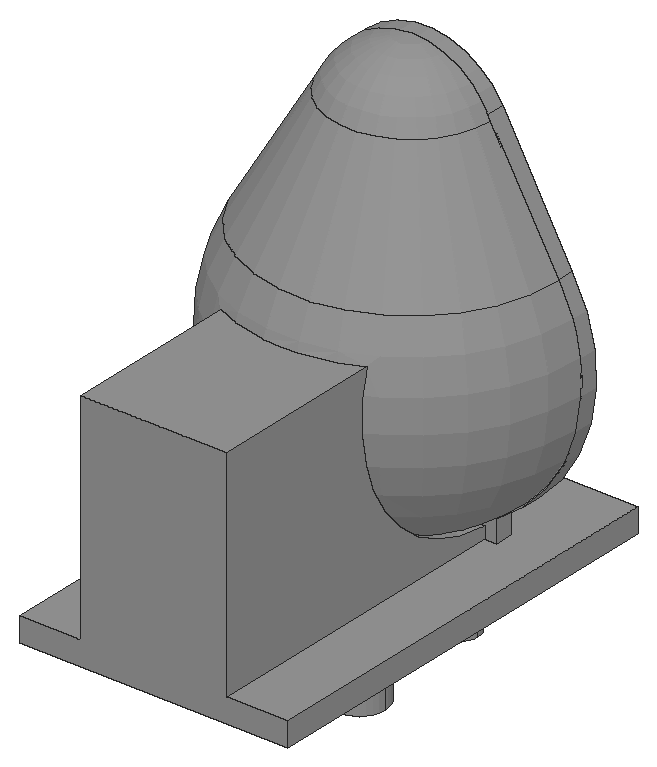
Revit family "Toilet-Willoughby-1490-HET-ETW-ES", category Plumbing Fixtures, host Face, Revit 2014
Parameters (values of type "Standard")
  Waste DIA = 2 1/4"
  Waste Connection = yes
  Vent Connection = no
  URL = "www.willoughby-ind.com"
  Type Comments = "Blowout Series"
  Revision = "A"
  Model = "ETW-1490-HET-ES"
  Manufacturer = "Willoughby Industries"
  HW Connection = no
  Flush Inlet DIA = 1 1/2"
  Flush Inlet Connection = yes
  Fixture Body = Stainless Steel AISI 304-Willoughby
  Description = "High Efficiency Toilet"
  Default Elevation = 0' - 0"
  Contact = "(800) 428-4065"
  CW Connection = no
Reference planes (in)
  plane 1 "Center (Front/Back)": y = 0
  plane 2: z = 0
  plane 3 "Center (Left/Right)": x = 0
  plane 4 "Base off Floor": y = 1
  plane 5 "Seat": y = 15
  plane 6 "Top": y = 19
  plane 7: x = -5.5
  plane 8: x = 5.5
  plane 9: y = 14.25
  plane 10: z = 18.5
  plane 11: z = 14.933
  plane 12: x = 3.25
  plane 13: x = -3.25
  plane 14: z = 8.10019
  plane 15: x = 7
  plane 16: z = 11.03769
  plane 17: z = 8
  plane 18: z = 10
  plane 19: y = 11.5
  plane 20: y = 16.75
  plane 21: x = 3
  plane 22: x = -3
Forms (in)
  Extrusion 1, solid, material "Stainless Steel AISI 304-Willoughby" <- "Fixture Body"
    sketch origin (0, 0, 0) x (1, 0, 0) y (0, 1, 0)
      loop
        line (-5.5, 1) -> (5.5, 1) -> (5.5, 19) -> (-5.5, 19) -> (-5.5, 1)
    from 0 to 1
  Revolve 2, solid, material "Stainless Steel AISI 304-Willoughby" <- "Fixture Body"
    sketch origin (-60, 14.25, 48) x (-1, 0, 0) y (0, 0, 1)
      loop
        line (-60, -46.89981) -> (-60, -46.39981)
        arc (-60, -46.39981) -> (-65.42136, -42.59037) -> (-65.23755, -35.96698) r 7
        line (-65.23755, -35.96698) -> (-62.80388, -31.72393) -> (-62.74416, -31.59711)
        arc (-62.74416, -31.59711) -> (-61.61332, -30.35842) -> (-60, -29.89981) r 3.067
        line (-60, -29.89981) -> (-60, -29.39981)
        arc (-60, -29.39981) -> (-61.93389, -29.96955) -> (-63.25, -31.49678) r 3.567
        line (-63.25, -31.49678) -> (-66.0721, -36.41706)
        arc (-66.0721, -36.41706) -> (-66.0572, -43.40842) -> (-60, -46.89981) r 7
      axis (-60, -29.39981) -> (-60, -46.89981)
    angle from 0 to 180
  Extrusion 3, solid, material "Stainless Steel AISI 304-Willoughby" <- "Fixture Body"
    sketch origin (0, 0, 0) x (1, 0, 0) y (0, 0, 1)
      loop
        line (-3.5, 1.93865) -> (-3.5, 1.00072) -> (3.5, 1.00072) -> (3.5, 1.93865)
        arc (3.5, 1.93865) -> (6.77318, 6.23534) -> (6.01269, 11.58294) r 6.99928
        line (6.01269, 11.58294) -> (3.14932, 16.69649)
        arc (3.14932, 16.69649) -> (-0.10896, 18.5408) -> (-3.25, 16.50322) r 3.60945
        line (-3.25, 16.50322) -> (-6.10166, 11.42924)
        arc (-6.10166, 11.42924) -> (-6.75024, 6.14955) -> (-3.5, 1.93865) r 6.99928
      loop
        arc (-4.17861, 9.875) -> (0, 3.42) -> (4.17861, 9.875) r 4.58
        line (4.17861, 9.875) -> (1.45817, 16.45616)
        arc (1.45817, 16.45616) -> (-0.05754, 17.35793) -> (-1.5058, 16.35139) r 1.629
        line (-1.5058, 16.35139) -> (-4.17861, 9.875)
    from -15 to -14.25
  Extrusion 4, solid, material "Stainless Steel AISI 304-Willoughby" <- "Fixture Body"
    sketch origin (0, 0, 0) x (0, 1, 0) y (0, 0, 1)
      loop
        line (1, 10) -> (1, 1) -> (14.25, 1) -> (14.25, 1.50333)
        arc (14.25, 1.50333) -> (9.13093, 4.2568) -> (8.23533, 10) r 6.52933
        line (8.23533, 10) -> (1, 10)
    from 3 to -3
  Revolve 5, solid, material "Stainless Steel AISI 304-Willoughby" <- "Fixture Body"
    sketch origin (0, 16.75, -24) x (0, 0, -1) y (-1, 0, 0)
      loop
        line (-19.5, 0) -> (-19.5, 0.75) -> (-25, 0.75) -> (-25, 0) -> (-19.5, 0)
      axis (-25, 0) -> (-19.5, 0)
    angle from 0 to 360
  Revolve 6, solid, material "Stainless Steel AISI 304-Willoughby" <- "Fixture Body"
    sketch origin (0, 11.5, -24) x (0, 0, -1) y (-1, 0, 0)
      loop
        line (-25, 0) -> (-19.25, 0) -> (-19.25, 1.125) -> (-25, 1.125) -> (-25, 0)
      axis (-25, 0) -> (-19.25, 0)
    angle from 0 to 360
Cuts and joins
  joined: Extrusion 1, Revolve 2, Extrusion 4
Lines and regions (in)
  symbolic lines
    curve 1: line (-7, 14.25, 0) -> (-7, 15, 0)
    curve 2: line (-7, 15, 0) -> (6.99928, 15, 0)
    curve 3: line (6.99928, 15, 0) -> (6.99928, 14.25, 0)
    curve 4: arc (6.99928, 14.25, 0) -> (5.91518, 10.51615, 0) -> (3, 7.94347, 0) r 6.97208
    curve 5: line (3, 8.21753, 0) -> (3, 1, 0)
    curve 6: line (5.5, 9.93046, 0) -> (5.5, 1, 0)
    curve 7: line (5.5, 1, 0) -> (-5.5, 1, 0)
    curve 8: line (-3, 8.21753, 0) -> (-3, 1, 0)
    curve 9: arc (3, 8.21753, 0) -> (0, 7.51274, 0) -> (-3, 8.21753, 0) r 6.73726
    curve 10: arc (-3, 7.94347, 0) -> (-5.91567, 10.51596, 0) -> (-7, 14.25, 0) r 6.97155
    curve 11: line (-5.5, 1, 0) -> (-5.5, 9.92974, 0)
    curve 12: line (-5.5, 15, 0) -> (-5.5, 19, 0)
    curve 13: line (-5.5, 19, 0) -> (5.5, 19, 0)
    curve 14: line (5.5, 19, 0) -> (5.5, 15, 0)
    curve 15: line (-3.5, 0, 1.93865) -> (-3.5, 0, 1.00072)
    curve 16: line (-3.5, 0, 1.00072) -> (-5.5, 0, 1.00072)
    curve 17: line (-5.5, 0, 1.00072) -> (-5.5, 0, 0)
    curve 18: line (-5.5, 0, 0) -> (5.5, 0, 0)
    curve 19: line (5.5, 0, 0) -> (5.5, 0, 1)
    curve 20: line (3.5, 0, 1) -> (3.5, 0, 1.93865)
    curve 21: arc (3.5, 0, 1.93865) -> (6.76129, 0, 6.23401) -> (6.0721, 0, 11.58294) r 7.11403
    curve 22: line (6.0721, 0, 11.58294) -> (3.13372, 0, 16.72406)
    curve 23: arc (3.13372, 0, 16.72406) -> (1.81244, 0, 18.07233) -> (0, 0, 18.60019) r 3.72684
    curve 24: arc (0, 0, 18.60019) -> (-1.94954, 0, 18.0547) -> (-3.25, 0, 16.50322) r 3.42319
    curve 25: line (-3.25, 0, 16.50322) -> (-6.0721, 0, 11.58294)
    curve 26: arc (-6.0721, 0, 11.58294) -> (-6.77213, 0, 6.23112) -> (-3.5, 0, 1.93865) r 7.08639
    curve 32: line (5.5, 0, 1) -> (3.5, 0, 1)
    curve 34: line (0, 8.21753, 10) -> (0, 1, 10)
    curve 35: line (0, 1, 10) -> (0, 1, 0)
    curve 36: line (0, 1, 0) -> (0, 19, 0)
    curve 37: line (0, 19, 0) -> (0, 19, 1)
    curve 38: line (0, 19, 1) -> (0, 15, 1)
    curve 39: line (0, 15, 1) -> (0, 15, 18.54245)
    curve 40: line (0, 15, 18.54245) -> (0, 14.25, 18.54245)
    curve 41: arc (0, 14.25, 18.54245) -> (0, 12.33161, 17.99043) -> (0, 11, 16.50322) r 3.60945
    curve 42: line (0, 11, 16.50322) -> (0, 8.125, 11.52358)
    curve 43: arc (0, 8.125, 11.52358) -> (0, 7.7869, 10.77404) -> (0, 7.50944, 10) r 10.33906
    curve 44: arc (0, 8.21753, 10) -> (0, 9.12701, 4.25591) -> (0, 14.25, 1.50333) r 6.54512
    curve 45: line (0, 15, 1.93865) -> (0, 14.25, 1.93865)
    curve 46: line (0, 14.25, 1.93865) -> (0, 14.25, 1)
    curve 47: line (0, 14.25, 1) -> (0, 1, 1)
  symbolic lines, detail levels fine
    curve 27: arc (1.5058, 0, 16.35139) -> (0.9059, 0, 17.08382) -> (0, 0, 17.35895) r 1.629
    curve 28: arc (0, 0, 17.35895) -> (-0.9059, 0, 17.08382) -> (-1.5058, 0, 16.35139) r 1.629
    curve 29: line (-1.5058, 0, 16.35139) -> (-4.17861, 0, 9.875)
    curve 30: arc (-4.17861, 0, 9.875) -> (0, 0, 3.42) -> (4.17861, 0, 9.875) r 4.58
    curve 31: line (4.17861, 0, 9.875) -> (1.5058, 0, 16.35139)
  symbolic lines, detail levels medium+fine
    curve 33: line (3.5, 0, 1) -> (-3.5, 0, 1)
Dimensions and locks (in)
  equal spacing: plane 12, plane 3 "Center (Left/Right)", plane 13
  plane 12 to plane 13 = 0' - 6 1/2"
  host face to plane 14 = 0' - 8.10019"
  plane 10 to level = 1' - 6 1/2"
  plane 6 "Top" to plane 1 "Center (Front/Back)" = 1' - 7"
  plane 5 "Seat" to plane 1 "Center (Front/Back)" = 1' - 3"
  plane 19 to plane 1 "Center (Front/Back)" = 0' - 11 1/2"
  plane 1 "Center (Front/Back)" to plane 4 "Base off Floor" = 0' - 1"
  plane 1 "Center (Front/Back)" to plane 19 = 0' - 11 1/2"
  plane 1 "Center (Front/Back)" to plane 20 = 1' - 4 3/4"
  plane 1 "Center (Front/Back)" to plane 6 "Top" = 1' - 7"
  plane 6 "Top" to plane 4 "Base off Floor" = 1' - 6"
  locked: plane 7 to plane 8 at 11
  plane 19 to plane 4 "Base off Floor" = 0' - 10 1/2"
  plane 20 to plane 4 "Base off Floor" = 1' - 3 3/4"
  plane 7 to plane 3 "Center (Left/Right)" = 0' - 5 1/2"
  plane 22 to plane 21 = 0' - 6"
  aligned and locked: plane 2 to host face
  aligned and locked: level to host face
Automatic sketch dimensions
  host sketch curve to host sketch curve = 3' - 6.09429"
  host sketch curve to host sketch curve = 4' - 3.69331"
  Extrusion 1 sketch curve to plane 6 "Top" = 0' - 0"
  Extrusion 1 sketch curve to plane 7 = 0' - 0"
  Extrusion 1 sketch curve to plane 4 "Base off Floor" = 0' - 0"
  Extrusion 1 sketch curve to plane 8 = 0' - 0"
  Extrusion 3 sketch curve to Extrusion 3 sketch curve = 0' - 0"  (x4)
  Extrusion 3 sketch curve to plane 13 = 0' - 0"
  Extrusion 3 sketch curve to plane 3 "Center (Left/Right)" = 0' - 0"  (x3)
  Extrusion 3 sketch curve to plane 17 = 0' - 0"
  Extrusion 3 sketch curve to plane 11 = 0' - 0"
  Extrusion 3 sketch curve to plane 13 = 0' - 0 1/4"
  Extrusion 3 sketch curve to plane 13 = 0' - 0.92861"
  plane 7 to Extrusion 3 sketch curve = 0' - 0.60166"
  Extrusion 3 sketch curve to plane 3 "Center (Left/Right)" = 0' - 1.5058"
  plane 3 "Center (Left/Right)" to Extrusion 3 sketch curve = 0' - 1.45817"
  Extrusion 3 sketch curve to plane 12 = 0' - 0.10068"
  plane 12 to Extrusion 3 sketch curve = 0' - 0 1/4"
  plane 12 to Extrusion 3 sketch curve = 0' - 0.92861"
  Extrusion 3 sketch curve to plane 8 = 0' - 0.51269"
  level to Extrusion 3 sketch curve = 0' - 1.93865"  (x2)
  plane 17 to Extrusion 3 sketch curve = 0' - 1 7/8"
  Extrusion 3 sketch curve to Extrusion 3 sketch curve = 0' - 0.79695"
  plane 11 to Extrusion 3 sketch curve = 0' - 1.41839"
  plane 11 to Extrusion 3 sketch curve = 0' - 1.57022"
  Extrusion 3 sketch curve to Extrusion 3 sketch curve = 0' - 0.93793"
  Extrusion 4 sketch curve to plane 4 "Base off Floor" = 0' - 0"
  Extrusion 4 sketch curve to plane 18 = 0' - 0"
  Extrusion 4 sketch curve to plane 9 = 0' - 0"
  plane 9 to Extrusion 4 sketch curve = 0' - 0.21015"
  plane 17 to Extrusion 4 sketch curve = 0' - 0.02928"
  level to Extrusion 4 sketch curve = 0' - 1"
  Extrusion 4 sketch curve to plane 9 = 0' - 6.01467"
  Revolve 2 sketch curve to Revolve 2 sketch curve = 0' - 0"  (x3)
  Revolve 2 sketch curve to plane 12 = 0' - 0"
  Revolve 2 sketch curve to plane 3 "Center (Left/Right)" = 0' - 0"  (x3)
  Revolve 2 sketch curve to plane 14 = 0' - 0"
  Revolve 2 sketch curve to plane 8 = 0' - 0.5721"
  Revolve 2 sketch curve to plane 12 = 0' - 0.44612"
  Revolve 2 sketch curve to Revolve 2 sketch curve = 0' - 0.05972"
  plane 14 to Revolve 2 sketch curve = 0' - 0.45007"
  Revolve 2 sketch curve to plane 3 "Center (Left/Right)" = 0' - 0.83455"
  level to Revolve 2 sketch curve = 0' - 1.60019"
  Revolve 2 sketch curve to Revolve 2 sketch curve = 0' - 0 1/2"
  plane 11 to Revolve 2 sketch curve = 0' - 0.10019"
  plane 11 to Revolve 2 sketch curve = 0' - 1.34307"
  Revolve 2 sketch curve to Revolve 2 sketch curve = 0' - 0.12681"
  Revolve 2 sketch curve to Revolve 2 sketch curve = 0' - 0.22715"
  plane 8 to Revolve 2 sketch curve = 0' - 0.26245"
  Revolve 6 sketch curve to plane 3 "Center (Left/Right)" = 0' - 0"  (x2)
  level to Revolve 6 sketch curve = 0' - 1"
  Revolve 6 sketch curve to level = 0' - 4 3/4"
  Revolve 6 sketch curve to Revolve 6 sketch curve = 0' - 1 1/8"
  Revolve 6 sketch curve to Revolve 6 sketch curve = 0' - 0"  (x2)
  Revolve 5 sketch curve to plane 3 "Center (Left/Right)" = 0' - 0"  (x2)
  level to Revolve 5 sketch curve = 0' - 1"
  Revolve 5 sketch curve to plane 3 "Center (Left/Right)" = 0' - 0 3/4"
  Revolve 5 sketch curve to level = 0' - 4 1/2"
  Revolve 5 sketch curve to Revolve 5 sketch curve = 0' - 0"  (x2)
  curve 1 to plane 9 = 0' - 0"
  curve 1 to plane 5 "Seat" = 0' - 0"
  curve 12 to plane 7 = 0' - 0"
  curve 11 to plane 7 = 0' - 0"
  curve 8 to plane 4 "Base off Floor" = 0' - 0"
  curve 8 to plane 22 = 0' - 0"
  curve 9 to plane 3 "Center (Left/Right)" = 0' - 0"
  curve 4 to plane 9 = 0' - 0"
  curve 5 to plane 21 = 0' - 0"
  curve 7 to plane 8 = 0' - 0"
  curve 14 to plane 6 "Top" = 0' - 0"
  curve 13 to plane 8 = 0' - 0"
  curve 9 to plane 9 = 0' - 0"
  plane 7 to curve 2 = 0' - 1 1/2"
  curve 10 to curve 9 = 0' - 0.02845"
  plane 3 "Center (Left/Right)" to curve 4 = 0' - 0.0272"
  curve 3 to plane 8 = 0' - 1.49928"
  curve 4 to curve 5 = 0' - 0.27406"
  curve 27 to curve 28 = 0' - 0"
  curve 18 to level = 0' - 0"
  plane 7 to curve 18 = 0' - 0"
  curve 24 to plane 13 = 0' - 0"
  curve 24 to plane 3 "Center (Left/Right)" = 0' - 0"
  curve 23 to plane 3 "Center (Left/Right)" = 0' - 0"
  curve 27 to plane 3 "Center (Left/Right)" = 0' - 0"
  curve 30 to plane 3 "Center (Left/Right)" = 0' - 0"
  plane 8 to curve 19 = 0' - 0"
  curve 30 to plane 17 = 0' - 0"
  plane 7 to curve 25 = 0' - 0.5721"
  curve 29 to plane 18 = 0' - 0 1/8"
  curve 29 to plane 13 = 0' - 0.92861"
  curve 15 to plane 13 = 0' - 0 1/4"
  plane 22 to curve 29 = 0' - 1.4942"
  curve 21 to plane 3 "Center (Left/Right)" = 0' - 0.11248"
  curve 23 to plane 11 = 0' - 0.05825"
  curve 23 to plane 3 "Center (Left/Right)" = 0' - 0.10192"
  curve 24 to plane 3 "Center (Left/Right)" = 0' - 0.09362"
  plane 3 "Center (Left/Right)" to curve 26 = 0' - 0.07494"
  curve 31 to plane 21 = 0' - 1.4942"
  curve 22 to plane 12 = 0' - 0.11628"
  plane 12 to curve 20 = 0' - 0 1/4"
  curve 31 to plane 18 = 0' - 0 1/8"
  curve 22 to plane 8 = 0' - 0.5721"
  level to curve 19 = 0' - 1"
  level to curve 16 = 0' - 1.00072"
  curve 20 to curve 20 = 0' - 0.93865"
  curve 15 to curve 15 = 0' - 0.93793"
  plane 17 to curve 26 = 0' - 0.05721"
  plane 17 to curve 21 = 0' - 0.06722"
  curve 23 to curve 24 = 0' - 0.30353"
  curve 24 to curve 27 = 0' - 0.55166"
  plane 11 to curve 29 = 0' - 1.41839"
  curve 15 to curve 33 = 0' - 0"
  curve 47 to plane 4 "Base off Floor" = 0' - 0"
  curve 43 to plane 18 = 0' - 0"
  curve 40 to plane 9 = 0' - 0"
  curve 46 to plane 9 = 0' - 0"
  curve 40 to plane 5 "Seat" = 0' - 0"
  curve 37 to level = 0' - 0"
  curve 37 to plane 6 "Top" = 0' - 0"
  curve 41 to plane 11 = 0' - 0"
  plane 18 to curve 42 = 0' - 1.52358"
  curve 42 to plane 19 = 0' - 3 3/8"
  curve 42 to curve 34 = 0' - 0.09253"
  curve 42 to plane 19 = 0' - 0 1/2"
  plane 17 to curve 44 = 0' - 0.04496"
  plane 9 to curve 44 = 0' - 0.21384"
  plane 20 to curve 43 = 0' - 0.62311"
  level to curve 37 = 0' - 1"
  curve 44 to curve 46 = 0' - 0.43532"
  curve 43 to plane 17 = 0' - 1.09904"
  plane 11 to curve 42 = 0' - 1.57022"
  curve 47 to curve 44 = 0' - 0.50333"
Connectors (in)
  piping at (0, 11.5, -4.75), diameter 2.25, driven by "Waste Connection", driven by "Waste DIA"
    settings: on Revolve 6, index 1, connector inside diameter 24", connector length 0' - 0", flow factor 0, pipe flow 0 GPM, pressure drop 0.00 psi, fitting loss kfactor 0, connector angle 0.00°, fixture units 0, engagement length 0' - 0", angle of deflection 0.00°, flow configuration 0, flow direction 2, fitting loss method 0, system type 16, joint type 0, gender type 0, connector reference index -1, connector utility 1, adjustable connector no, is connector primary yes, connector description "Toilet Waste"
  piping at (0, 16.75, -4.5), diameter 1.5, driven by "Flush Inlet Connection", driven by "Flush Inlet DIA"
    settings: on Revolve 5, index 2, connector inside diameter 24", connector length 0' - 0", flow factor 0, pipe flow 0 GPM, pressure drop 0.00 psi, fitting loss kfactor 0, connector angle 0.00°, fixture units 0, engagement length 0' - 0", angle of deflection 0.00°, flow configuration 0, flow direction 1, fitting loss method 0, system type 20, joint type 0, gender type 0, connector reference index -1, connector utility 1, adjustable connector no, is connector primary no, connector description "Flush Inlet"
